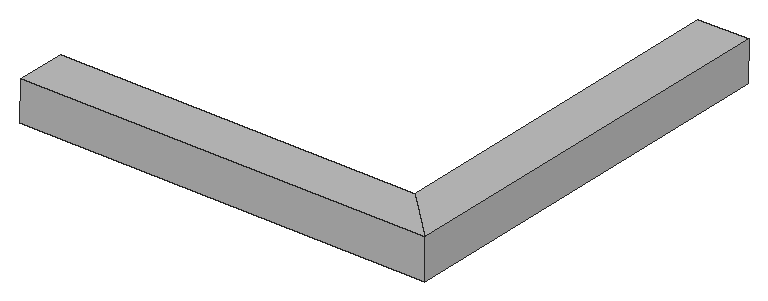
Revit family "KurbX - KurbIT CORNER SHOWER CURB", category Generic Models, Revit 2020
Family settings
  Can host rebar = No
  Round Connector Dimension = Use Diameter
  Part Type = Normal
  Work Plane-Based = No
  Always vertical = Yes
  Cut with Voids When Loaded = No
  Shared = No
  Room Calculation Point = No
Parameters
  URL = "www.KurbX.com"
  Type Comments = "KurbX Shower Curb"
  SIDE_B [instance] = 609.6 mm
  SIDE_A [instance] = 609.6 mm
  Model = "KurbIT-24 & KurbIT-36"
  Manufacturer = "KurbX"
  Description = "KurbX Shower Curb"
  Default Elevation = 0 mm
Reference planes
  plane 1 "Center (Front/Back)": y = 0
  plane 2: z = 0
  plane 3 "Center (Left/Right)": x = 0
  plane 4 "SIDE A": x = -546.1
  plane 5: y = 12.7
  plane 6: y = -63.5
  plane 7: x = 63.5
  plane 8 "SIDE_B": y = 546.1
Forms (mm)
  Extrusion 1, solid, material "KurbX - SHOWER PAN - CURBLESS"
    sketch origin (0, 0, 0) x (0, 1, 0) y (0, 0, 1)
      loop
        line (-63.5, 60.03) -> (-63.5, 0) -> (-1.08, 0) -> (0, 20.6) -> (12.7, 20.6) -> (12.7, 58.7) -> (-63.5, 60.03)
    from -546.1 to 63.5
  Extrusion 2, solid, material "KurbX - SHOWER PAN - CURBLESS"
    sketch origin (0, 534.6, 0) x (-1, 0, 0) y (0, 0, 1)
      loop
        line (-63.5, 60.03) -> (-63.5, 0) -> (-1.08, 0) -> (0, 20.6) -> (12.7, 20.6) -> (12.7, 58.7) -> (-63.5, 60.03)
    from -598.1 to 11.5
Cuts and joins
  joined: Extrusion 1, Extrusion 2
Dimensions and locks
  locked: plane 1 "Center (Front/Back)" to plane 5 at 12.7
  locked: plane 6 to plane 1 "Center (Front/Back)" at 63.5
  locked: plane 3 "Center (Left/Right)" to plane 7 at 63.5
  "SIDE_B": plane 6 to plane 8 "SIDE_B"
  "SIDE_A": plane 4 "SIDE A" to plane 7
  aligned and locked: plane 2 to level
  aligned and locked: Extrusion 1 to plane 4 "SIDE A"
  aligned and locked: Extrusion 1 to Extrusion 2
  aligned and locked: Extrusion 2 to Extrusion 1
  aligned and locked: plane 7 to Extrusion 2
  aligned and locked: Extrusion 2 to plane 8 "SIDE_B"
Automatic sketch dimensions
  Extrusion 1 sketch curve to level = 0 mm
  Extrusion 1 sketch curve to plane 6 = 0 mm
  Extrusion 1 sketch curve to plane 1 "Center (Front/Back)" = 0 mm
  Extrusion 1 sketch curve to plane 5 = 0 mm
  plane 1 "Center (Front/Back)" to Extrusion 1 sketch curve = 1.08 mm
  level to Extrusion 1 sketch curve = 20.6 mm
  Extrusion 1 sketch curve to Extrusion 1 sketch curve = 38.1 mm
  Extrusion 1 sketch curve to Extrusion 1 sketch curve = 60.03 mm
  Extrusion 2 sketch curve to level = 0 mm
  Extrusion 2 sketch curve to plane 7 = 0 mm
  Extrusion 2 sketch curve to plane 3 "Center (Left/Right)" = 0 mm
  plane 3 "Center (Left/Right)" to Extrusion 2 sketch curve = 1.08 mm
  Extrusion 2 sketch curve to Extrusion 2 sketch curve = 12.7 mm
  level to Extrusion 2 sketch curve = 20.6 mm
  Extrusion 2 sketch curve to Extrusion 2 sketch curve = 38.1 mm
  level to Extrusion 2 sketch curve = 60.03 mm
